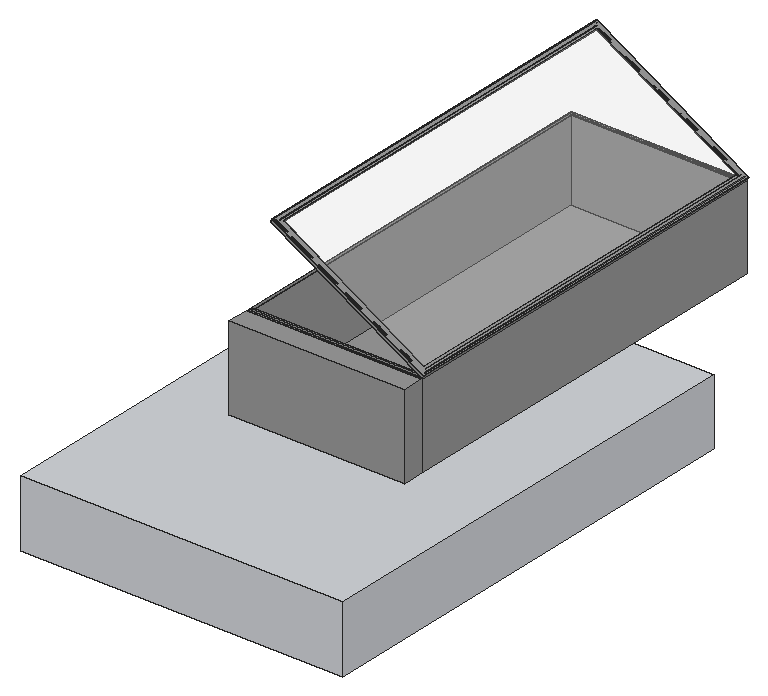
Revit family "Hager-Univers-IP55-D400-H1950-Cl.II-Steel_encl-SE-en", category Equipement électrique, Revit 2020
Family settings
  Hôte = Face
  Configuration du panneau = Deux colonnes, circuits au sein
  Cote de connecteur circulaire = Utiliser le diamètre
  Type d'élément = Tableau de raccordement
  Couper avec des vides une fois chargée = Non
  Partagée = Non
  Point de calcul de pièce = Non
Parameters (values of type "Floor installation IP55 W800 H1950 D400  - FR23U1")
  Width Control [instance] = if([EF000008 - Width] > Min Width, [EF000008 - Width], Min Width)  # 800 mm
  Commentaires du type = [HG000003 - Range]  # "Univers"
  Thickness Door [instance] = if([EF009171 - Material plate thickness door/cover] > 3 mm, 3 mm, [EF009171 - Material plate thickness door/cover])  # 1.5 mm
  Seal Frame Offset [instance] = 17 mm  # constant formula
  Plinth Visibility [instance] = [HG000027 - Plinth height] > 0 mm  # yes
  Model = ""
  Min Width [instance] = 100 mm  # constant formula
  Min Height [instance] = 100 mm  # constant formula
  Min Depth [instance] = (2 * [EF009170 - Material plate thickness cabinet]) + 1 mm  # 4 mm
  Internal Frame Depth [instance] = (Door System Depth * 0.5)  # 9 mm
  Height Control [instance] = if([EF000040 - Height] > Min Height, [EF000040 - Height], Min Height)  # 1950 mm
  HG000027 - Plinth height = 100 mm
  HG000026 - Floor standing = yes
  HG000024 - Bottom section height = 800 mm
  HG000023 - Double section enclosure = no
  HG000016 - Door 3d visibility [instance] = yes
  HG000015 - Clearance visibility [instance] = no
  HG000014 - Door on the right [instance] = yes
  HG000013 - Door on the left [instance] = not([HG000014 - Door on the right])  # no
  HG000012 - Door swing angle [instance] = 30.00°
  HG000010 - Asymmetric doors = no
  HG000009 - Double swing door = no
  HG000006 - Flush mounted = no
  HG000004 - Manufacturer reference = "FR23U1"
  HG000003 - Range = "Univers"
  HG000002 - With door or cover = yes
  Frame Offset Bottom [instance] = 10 mm  # constant formula
  Frame Offset [instance] = 15 mm  # constant formula
  EF015940 - Cover with overpressure release = no
  EF011959 - Degree of protection (NEMA) = ""
  EF009554 - Number of openings for flange plates = 6
  EF009212 - Cover model = "EV000116 - Closed"
  EF009171 - Material plate thickness door/cover = 1.5 mm
  EF009170 - Material plate thickness cabinet = 1.5 mm
  Fabricant = "Hager"  # constant formula
  EF008873 - Nominal current (In) = 800 A
  EF007800 - Suitable for lightning protection = no
  EF006306 - With lock = no
  EF006244 - Transparent cover/door = yes
  EF005474 - Degree of protection (IP) = "EV006420 - IP55"
  EF004464 - Type of door = "EV002646 - Single"
  EF004427 - Number of modules = 432
  EF004293 - Impact strength = "EV008784 - IK10"
  EF003532 - Suitable for outdoor use = no
  EF002950 - Width in number of modular spacings = 24
  EF001613 - Circuit integrity = "EV000494 - None"
  EF001596 - Material housing = "EV000179 - Steel"
  EF001131 - Internal depth = 400 mm
  EF001088 - Extension possible = yes
  EF000437 - Number of conduit inlets = 6
  EF000339 - Type of cover = "EV004216 - Door"
  EF000266 - Number of rows = 12
  EF000218 - Built-in depth = 0 mm
  EF000118 - With mounting plate = no
  EF000116 - RAL-number = "7035"
  EF000049 - Depth = 400 mm
  EF000040 - Height = 1950 mm
  EF000008 - Width = 800 mm
  EF000007 - Colour = "EV000270 - Grey"
  EF000003 - Mounting method = "EV012274 - Floor installation"
  Door System Leaf Tolerance [instance] = 1.5 mm  # constant formula
  Door System Depth [instance] = 18 mm  # constant formula
  Door Height [instance] = Height Control - [HG000027 - Plinth height]  # 1850 mm
  Depth Control [instance] = if([EF000049 - Depth] > Min Depth, [EF000049 - Depth], Min Depth)  # 400 mm
  Default Elevation = 0 mm
  Connector Offset [instance] = Height Control / 2  # 975 mm
  Bottom Top Plate Trim [instance] = 1.5 mm  # constant formula
  Plinth height Ctrl [instance] = if([HG000027 - Plinth height] > 0 mm, [HG000027 - Plinth height], 12 mm)  # 100 mm
Types (11, lengths in mm): name | Width Control | HG000010 - Asymmetric doors | HG000009 - Double swing door | HG000004 - Manufacturer reference | EF009554 - Number of openings for flange plates | EF006244 - Transparent cover/door | EF004464 - Type of door | EF004427 - Number of modules | EF000437 - Number of conduit inlets | EF000008 - Width
  Floor installation IP55 W1050 H1950 D400  - FR24H1 | 1050 | yes | yes | "FR24H1" | 8 | no | "EV003602 - Double" | 576 | 8 | 1050
  Floor installation IP55 W1050 H1950 D400  - FR24U1 | 1050 | yes | yes | "FR24U1" | 8 | yes | "EV003602 - Double" | 576 | 8 | 1050
  Floor installation IP55 W1300 H1950 D400  - FR25H1 | 1300 | yes | yes | "FR25H1" | 10 | no | "EV003602 - Double" | 720 | 10 | 1300
  Floor installation IP55 W1300 H1950 D400  - FR25U1 | 1300 | yes | yes | "FR25U1" | 10 | yes | "EV003602 - Double" | 720 | 10 | 1300
  Floor installation IP55 W1550 H1950 D400  - FR26H1 | 1550 | yes | yes | "FR26H1" | 12 | no | "EV003602 - Double" | 864 | 12 | 1550
  Floor installation IP55 W1550 H1950 D400  - FR26U1 | 1550 | yes | yes | "FR26U1" | 12 | yes | "EV003602 - Double" | 864 | 12 | 1550
  Floor installation IP55 W300 H1950 D400  - FR21H1 | 300 | no | no | "FR21H1" | 2 | no | "EV002646 - Single" | 144 | 2 | 300
  Floor installation IP55 W550 H1950 D400  - FR22H1 | 550 | no | no | "FR22H1" | 4 | no | "EV002646 - Single" | 288 | 4 | 550
  Floor installation IP55 W550 H1950 D400  - FR22U1 | 550 | no | no | "FR22U1" | 4 | yes | "EV002646 - Single" | 288 | 4 | 550
  Floor installation IP55 W800 H1950 D400  - FR23H1 | 800 | no | no | "FR23H1" | 6 | no | "EV002646 - Single" | 432 | 6 | 800
  Floor installation IP55 W800 H1950 D400  - FR23U1 | 800 | no | no | "FR23U1" | 6 | yes | "EV002646 - Single" | 432 | 6 | 800
Reference planes
  plane 1 "Center (Front/Back)": y = 0
  plane 2: z = 0
  plane 3 "Center (Left/Right)": x = 0
  plane 4: z = 400
  plane 5: y = 101.5
  plane 6: y = 1025
  plane 7: y = 100
  plane 8: y = 1950
  plane 9: z = 0
  plane 10: x = -385
  plane 11: x = 385
  plane 12: x = 383.5
  plane 13: x = -383.5
  plane 14: y = 1948.5
  plane 15: x = -383
  plane 16: x = -400
  plane 17: x = 383
  plane 18: x = 400
  plane 19: x = 398.5
  plane 20: x = -398.5
  plane 21: y = 111.5
  plane 22: y = 1950
  plane 23: y = 1933.5
  plane 24: z = 382
  plane 25: z = 1.5
  plane 26: z = 380.5
  plane 27: z = 398.5
Forms (mm)
  Extrusion 1, solid
    sketch origin (0, 0, 0) x (1, 0, 0) y (0, 1, 0)
      loop
        line (-702.964, 1305) -> (-702.964, -811.445) -> (766.763, -811.445) -> (766.763, 1305) -> (-702.964, 1305)
    from 0 to -304.8
  Extrusion 2, solid, material "Hager_Steel_RAL7035_Light_Grey", visible <- "Plinth Visibility", detail levels medium+fine
    sketch origin (0, 0, 0) x (1, 0, 0) y (0, 1, 0)
      loop
        line (-400, 0) -> (400, 0) -> (400, 100) -> (-400, 100) -> (-400, 0)
    from 0 to 382
  Extrusion 3, solid, material "Hager_Steel_RAL7035_Light_Grey", detail levels medium+fine
    sketch origin (0, 0, 0) x (1, 0, 0) y (0, 1, 0)
      loop
        line (-400, 100) -> (400, 100) -> (400, 1950) -> (-400, 1950) -> (-400, 100)
    from 0 to 382
  Extrusion 4, void
    sketch origin (0, 0, 0) x (1, 0, 0) y (0, 1, 0)
      loop
        line (-398.5, 101.5) -> (398.5, 101.5) -> (398.5, 1948.5) -> (-398.5, 1948.5) -> (-398.5, 101.5)
    from 1.5 to 380.5
  Extrusion 5, void
    sketch origin (-381.607, -4572, 382) x (0, -1, 0) y (-1, 0, 0)
      loop
        line (-4683.5, 1.893) -> (-6505.5, 1.893) -> (-6505.5, -765.107) -> (-4683.5, -765.107) -> (-4683.5, 1.893)
    from 0 to 1.5 <- "EF009170 - Material plate thickness cabinet"
  Extrusion 6, solid, material "Hager_Steel_RAL7035_Light_Grey", detail levels fine
    sketch origin (0, 0, 382) x (1, 0, 0) y (0, 1, 0)
      loop
        line (-383.5, 1933.5) -> (-383.5, 111.5) -> (383.5, 111.5) -> (383.5, 1933.5) -> (-383.5, 1933.5)
      loop
        line (-385, 110) -> (385, 110) -> (385, 1935) -> (-385, 1935) -> (-385, 110)
    from 0 to 9 <- "Internal Frame Depth"
  Extrusion 7, solid, material "Hager_Steel_RAL7035_Light_Grey", detail levels coarse
    sketch origin (0, 0, 0) x (1, 0, 0) y (0, 1, 0)
      loop
        line (-400, 0) -> (400, 0) -> (400, 1950) -> (-400, 1950) -> (-400, 0)
    from 0 to 400
  Sweep 8, void
    path in 3D
      loop
        line (-400, 100, 0) -> (400, 100, 0) -> (400, 100, 382) -> (-400, 100, 382) -> (-400, 100, 0)
    profile origin (-400, 100, 191) x (-1, 0, 0) y (0, -1, 0)
      loop
        line (0, 0) -> (0, 1.5) -> (-1.5, 1.5)
        arc (-1.5, 1.5) -> (-1.061, 0.439) -> (0, 0) r 1.5
Cuts and joins
  Extrusion 4, Extrusion 5 cuts Extrusion 3
  Sweep 8 cuts Extrusion 2
Lines and regions (mm)
  Masking region 1
    outline origin (0, 0, 0) x (1, 0, 0) y (0, 0, 1)
      loop
        line (-400, 400) -> (-400, 0) -> (400, 0) -> (400, 400) -> (-400, 400)
  Masking region 2, detail levels medium+fine
    outline origin (0, 140, 0) x (0, 1, 0) y (0, 0, 1)
      loop
        line (-40, 0) -> (1810, 0) -> (1810, 382) -> (-40, 382) -> (-40, 0)
  Masking region 3, not visible, detail levels medium+fine
    outline origin (0, 297.922, 0) x (0, 1, 0) y (0, 0, 1)
      loop
        line (738.578, 0) -> (778.578, 0) -> (778.578, 388.5)
        arc (778.578, 388.5) -> (775.649, 395.571) -> (768.578, 398.5) r 10
        line (768.578, 398.5) -> (738.578, 398.5) -> (738.578, 0)
  Masking region 4, detail levels coarse
    outline origin (0, 0, 180) x (0, 1, 0) y (0, 0, 1)
      loop
        line (0, -180) -> (1950, -180) -> (1950, 220) -> (0, 220) -> (0, -180)
  Masking region 5, visible <- "Plinth Visibility", detail levels medium+fine
    outline origin (0, 52.24, 12.345) x (0, 0, -1) y (0, 1, 0)
      loop
        line (10.845, 47.76) -> (-368.155, 47.76)
        arc (-368.155, 47.76) -> (-368.594, 46.699) -> (-369.655, 46.26) r 1.5
        line (-369.655, 46.26) -> (-369.655, -52.24) -> (12.345, -52.24) -> (12.345, 46.26)
        arc (12.345, 46.26) -> (11.285, 46.699) -> (10.845, 47.76) r 1.5
  Masking region 6, detail levels medium+fine
    outline origin (-381.607, -4572, 382) x (-1, 0, 0) y (0, -1, 0)
      loop
        line (18.393, -6522) -> (18.393, -4672) -> (-781.607, -4672) -> (-781.607, -6522) -> (18.393, -6522)
  Masking region 7, visible <- "Plinth Visibility", detail levels medium+fine
    outline origin (-381.607, -4727, 382) x (-1, 0, 0) y (0, -1, 0)
      loop
        arc (16.893, -4827) -> (17.332, -4825.939) -> (18.393, -4825.5) r 1.5
        line (18.393, -4825.5) -> (18.393, -4727) -> (-781.607, -4727) -> (-781.607, -4825.5)
        arc (-781.607, -4825.5) -> (-780.546, -4825.939) -> (-780.107, -4827) r 1.5
        line (-780.107, -4827) -> (16.893, -4827)
  Masking region 8, detail levels coarse
    outline origin (-442.548, -4669.526, 382) x (-1, 0, 0) y (0, -1, 0)
      loop
        line (-42.548, -6619.526) -> (-42.548, -4669.526) -> (-842.548, -4669.526) -> (-842.548, -6619.526) -> (-42.548, -6619.526)
  sketch lines
    curve 1: line (-400, 100, 382) -> (-400, 100, 0)
    curve 2: line (400, 100, 382) -> (-400, 100, 382)
    curve 3: line (400, 100, 382) -> (400, 100, 0)
    curve 4: line (-400, 100, 0) -> (400, 100, 0)
Dimensions and locks
  "Depth Control": plane 4 to Extrusion 1
  "HG000027 - Plinth height": plane 1 "Center (Front/Back)" to plane 7
  "EF009170 - Material plate thickness cabinet": plane 5 to plane 7
  locked: connector elem to plane 3 "Center (Left/Right)"
  equal spacing: plane 8, plane 6, plane 7
  locked: connector elem to plane 6
  "EF009170 - Material plate thickness cabinet": plane 8 to plane 14
  "EF009170 - Material plate thickness cabinet": plane 10 to plane 13
  "EF009170 - Material plate thickness cabinet": plane 12 to plane 11
  "Frame Offset": plane 20 to plane 13
  "Frame Offset": plane 12 to plane 19
  "EF009170 - Material plate thickness cabinet": plane 16 to plane 20
  "EF009170 - Material plate thickness cabinet": plane 19 to plane 18
  "Seal Frame Offset": plane 16 to plane 15
  "Seal Frame Offset": plane 17 to plane 18
  "Frame Offset Bottom": plane 21 to plane 5
  "Frame Offset": plane 14 to plane 23
  equal spacing: plane 16, plane 3 "Center (Left/Right)", plane 18
  "Width Control": plane 16 to plane 18
  "EF009170 - Material plate thickness cabinet": plane 4 to plane 27
  "EF009170 - Material plate thickness cabinet": plane 24 to plane 26
  "EF009170 - Material plate thickness cabinet": plane 25 to level
  "Door System Depth": plane 4 to plane 24
  "Height Control": plane 1 "Center (Front/Back)" to Extrusion 7 sketch curve
  "Height Control": Masking region 4 sketch curve to plane 1 "Center (Front/Back)"
  "Height Control": plane 1 "Center (Front/Back)" to plane 22
  "Bottom Top Plate Trim": profile plane to Sweep 8 sketch curve
  "Bottom Top Plate Trim": Sweep 8 sketch curve to profile plane
  "Plinth height Ctrl": plane 1 "Center (Front/Back)" to Extrusion 2 sketch curve
  "Plinth height Ctrl": Masking region 5 sketch curve to plane 1 "Center (Front/Back)"
  "Plinth height Ctrl": plane 1 "Center (Front/Back)" to Masking region 7 sketch curve
  "Thickness Door": Extrusion 6 sketch curve to Extrusion 6 sketch curve  (x3)
  "Thickness Door": cut or joined group of Extrusion 3, Extrusion 4, Extrusion 5 to Extrusion 6 sketch curve
  radius of Masking region 3 sketch curve = 10 mm
  "Bottom Top Plate Trim": radius of Masking region 5 sketch curve  (x2)
  "Bottom Top Plate Trim": radius of Sweep 8 sketch curve
  "Bottom Top Plate Trim": radius of Masking region 7 sketch curve  (x2)
  aligned and locked: plane 2 to Extrusion 1
  aligned and locked: level to Extrusion 1
  aligned and locked: level to Masking region 1 sketch curve
  aligned and locked: Masking region 1 sketch curve to plane 18
  aligned and locked: Masking region 1 sketch curve to plane 16
  aligned and locked: plane 7 to Masking region 2 sketch curve
  aligned and locked: level to Masking region 3 sketch curve
  aligned and locked: Masking region 3 sketch curve to plane 27
  aligned and locked: level to Masking region 2 sketch curve
  aligned and locked: plane 1 "Center (Front/Back)" to Extrusion 2 sketch curve
  aligned and locked: Extrusion 3 sketch curve to plane 7
  aligned and locked: plane 16 to Extrusion 3 sketch curve
  aligned and locked: plane 18 to Extrusion 3 sketch curve
  aligned and locked: plane 20 to Extrusion 4 sketch curve
  aligned and locked: plane 19 to Extrusion 4 sketch curve
  aligned and locked: Extrusion 4 sketch curve to plane 5
  aligned and locked: Extrusion 4 to plane 25
  aligned and locked: plane 26 to Extrusion 4
  aligned and locked: plane 24 to Extrusion 3
  aligned and locked: Extrusion 5 sketch curve to plane 21
  aligned and locked: Extrusion 5 sketch curve to plane 13
  aligned and locked: Extrusion 5 sketch curve to plane 12
  aligned and locked: plane 18 to Extrusion 7 sketch curve
  aligned and locked: plane 1 "Center (Front/Back)" to Extrusion 7 sketch curve
  aligned and locked: plane 16 to Extrusion 7 sketch curve
  aligned and locked: plane 4 to Extrusion 7
  aligned and locked: Extrusion 7 to level
  aligned and locked: level to Masking region 4 sketch curve
  aligned and locked: Masking region 4 sketch curve to plane 1 "Center (Front/Back)"
  aligned and locked: Masking region 4 sketch curve to plane 4
  aligned and locked: nested 1 to level
  aligned and locked: nested 1 to plane 16
  aligned and locked: plane 8 to Extrusion 3 sketch curve
  aligned and locked: plane 23 to Extrusion 5 sketch curve
  aligned and locked: plane 14 to Extrusion 4 sketch curve
  aligned and locked: Masking region 2 sketch curve to plane 8
  aligned and locked: level to Masking region 5 sketch curve
  aligned and locked: plane 16 to Extrusion 2 sketch curve
  aligned and locked: plane 18 to Extrusion 2 sketch curve
  aligned and locked: Masking region 5 sketch curve to plane 24
  aligned and locked: Masking region 2 sketch curve to plane 24
  aligned and locked: plane 24 to Extrusion 2
  aligned and locked: profile plane to Sweep 8 sketch curve  (x2)
  aligned and locked: Masking region 6 sketch curve to plane 18
  aligned and locked: Masking region 6 sketch curve to plane 22
  aligned and locked: Masking region 6 sketch curve to plane 16
  aligned and locked: plane 8 to plane 22
  aligned and locked: Masking region 6 sketch curve to plane 7
  aligned and locked: Masking region 7 sketch curve to plane 16
  aligned and locked: Masking region 7 sketch curve to plane 1 "Center (Front/Back)"
  aligned and locked: Masking region 7 sketch curve to plane 18
  aligned and locked: Masking region 8 sketch curve to plane 1 "Center (Front/Back)"
  aligned and locked: Masking region 8 sketch curve to plane 18
  aligned and locked: Masking region 8 sketch curve to plane 22
  aligned and locked: Masking region 8 sketch curve to plane 16
  aligned and locked: nested 2 to plane 7
  aligned and locked: plane 3 "Center (Left/Right)" to nested 2
  aligned and locked: nested 2 to plane 24
  aligned and locked: Extrusion 6 sketch curve to cut or joined group of Extrusion 3, Extrusion 4, Extrusion 5  (x4)
Automatic sketch dimensions
  Extrusion 1 sketch curve to Extrusion 1 sketch curve = 1469.727 mm
  Extrusion 1 sketch curve to Extrusion 1 sketch curve = 2116.445 mm
  Masking region 1 sketch curve to plane 4 = 0 mm
  plane 6 to Masking region 3 sketch curve = 11.5 mm
  Masking region 3 sketch curve to Masking region 3 sketch curve = 30 mm
  Masking region 5 sketch curve to plane 1 "Center (Front/Back)" = 0 mm
Nested families
  nested 1: "Hager_Enclosure_Symbol" at (-400, 0, 0) x (1, 0, 0) z (0, -1, 0), Height <- "Depth Control", Width <- "Width Control", type "Hager_Enclosure_Symbol"
    with Width_Ctrl 800 mm, Width 800 mm, Height_Ctrl 400 mm, Height 400 mm, A_Width_Int 26.25 mm, A_Width 315 mm, A_Height_Ctrl 350 mm, A_Height 350 mm
  nested 2: "EC000058_Univers_Door" at (0, 100, 382) x (1, 0, 0) z (0, 1, 0), Leaf_Tolerance <- "Door System Leaf Tolerance", Angle <- "HG000012 - Door swing angle", Door_Depth <- "Door System Depth", Door_Left <- "HG000013 - Door on the left", Transparent <- "EF006244 - Transparent cover/door", Assymetrical <- "HG000010 - Asymmetric doors", Width <- "Width Control", Clearance <- "HG000015 - Clearance visibility", Double <- "HG000009 - Double swing door", 3d_Door <- "HG000016 - Door 3d visibility", Lock_Visibility <- "EF006306 - With lock", Width_Ctrl <- "Width Control", Door_Right <- "HG000014 - Door on the right", Door <- "HG000002 - With door or cover", Height <- "Door Height", Thickness <- "Thickness Door", type "EC000058_Univers_Door", detail levels medium+fine
    with min_wh 4 mm, Width_Ctrl 800 mm, Width 800 mm, Transparent yes, Thickness 1.5 mm, Seal_Material Hager_Rubber, Lock_Visibility no, Lock_Material Hager_Plastic_RAL9005_Jet_Black, Leaf_Width 800 mm, Leaf_Tolerance_External_Sides 0 mm, Leaf_Tolerance 1.5 mm, Leaf_Offset 0 mm, Leaf_Height 1847 mm, Leaf_2_Width 800 mm, Leaf_2_Offset 400 mm, Leaf_1_Width 800 mm, Leaf_1_Offset 400 mm, Height_Ctrl 1850 mm, Height 1850 mm, Glass_Material Hager_Glass, Double_Clearance_Ctrl no, Double no, Door_Right_Ctrl yes, Door_Right yes, Door_Material Hager_Steel_RAL7035_Light_Grey, Door_Left_Ctrl no, Door_Left no, Door_Depth 18 mm, Door yes, Clearance_Material Hager_Clearance, Clearance_Depth 800 mm, Clearance_Ctrl no, Clearance no, Assymetrical no, Angle 30.00°, 3d_Door yes
Connectors
  electrical at (0, 1025, 0)
    settings: on plane 9, index 1, voltage 0 V, apparent load 0 VA, apparent load phase1 0 VA, apparent load phase2 0 VA, apparent load phase3 0 VA, power factor 1, load classification "Other", number of poles 1, system type 30, power factor state 1, is connector primary yes, connector utility no, sub classification motor no, connector description ""
Definition of nested family "EC000058_Univers_Door"
  Parameters (values of type "EC000058_Univers_Door")
    min_wh [instance] = (2 * Thickness) + 1 mm  # 11 mm
    Width_Ctrl [instance] = 400 mm
    Width [instance] = 500 mm
    Transparent [instance] = yes
    Thickness [instance] = 5 mm
    Seal_Material [instance] = none
    Lock_Visibility [instance] = yes
    Lock_Material [instance] = none
    Leaf_Width [instance] = if((Width_Ctrl - 2 * Leaf_Tolerance_External_Sides) > 0 mm, (Width_Ctrl - 2 * Leaf_Tolerance_External_Sides), min_wh)  # 400 mm
    Leaf_Tolerance_External_Sides [instance] = 0 mm  # constant formula
    Leaf_Tolerance [instance] = 1.5 mm
    Leaf_Offset [instance] = 0 mm  # constant formula
    Leaf_Height [instance] = if((Height_Ctrl - 2 * Leaf_Tolerance) > 0 mm, (Height_Ctrl - 2 * Leaf_Tolerance), min_wh)  # 497 mm
    Leaf_2_Width [instance] = if(and(and(Double, Assymetrical), Door_Left), (Leaf_Width / 3) - (Leaf_Tolerance / 2), if(and(and(Double, Assymetrical), Door_Right), (Leaf_Width / 3) * 2 - (Leaf_Tolerance / 2), if(and(Double, not(Assymetrical)), (Leaf_Width / 2) - Leaf_Tolerance, Leaf_Width)))  # 400 mm
    Leaf_2_Offset [instance] = if(and(Double, Assymetrical), Leaf_2_Width / 2, if(and(Double, not(Assymetrical)), Leaf_Width / 4, Leaf_Width / 2))  # 200 mm
    Leaf_1_Width [instance] = if(and(and(Double, Assymetrical), Door_Right), (Leaf_Width / 3) - (Leaf_Tolerance / 2), if(and(and(Double, Assymetrical), Door_Left), (Width / 3) * 2 - (Leaf_Tolerance / 2), if(and(Double, not(Assymetrical)), (Leaf_Width / 2) - Leaf_Tolerance, Leaf_Width)))  # 400 mm
    Leaf_1_Offset [instance] = if(and(Double, Assymetrical), Leaf_1_Width / 2, if(and(Double, not(Assymetrical)), Leaf_Width / 4, Leaf_Width / 2))  # 200 mm
    Height_Ctrl [instance] = if(Height > min_wh, Height, min_wh)  # 500 mm
    Height [instance] = 500 mm
    Glass_Material [instance] = none
    Double_Clearance_Ctrl [instance] = and(Double, Clearance)  # no
    Double [instance] = no
    Door_Right_Ctrl [instance] = and(or(Door_Right, Double), Door)  # yes
    Door_Right [instance] = yes
    Door_Material [instance] = none
    Door_Left_Ctrl [instance] = and(or(Door_Left, Double), Door)  # no
    Door_Left [instance] = no
    Door_Depth [instance] = 30 mm
    Door [instance] = yes
    Default Elevation = 1219.2 mm
    Clearance_Material [instance] = none
    Clearance_Depth [instance] = if(Leaf_1_Width > Leaf_2_Width, Leaf_1_Width, Leaf_2_Width)  # 400 mm
    Clearance_Ctrl [instance] = and(not(Double), Clearance)  # yes
    Clearance [instance] = yes
    Assymetrical [instance] = yes
    Angle [instance] = 30.00°
    3d_Door [instance] = yes
  Reference planes
    plane 1 "Center (Front/Back)": y = 0
    plane 2 "Bottom": z = 0
    plane 3 "Center (Left/Right)": x = 0
    plane 4: z = 500
    plane 5: x = -200
    plane 6: x = 200
    plane 7: z = 500
    plane 8: x = -200
    plane 9: z = 0
    plane 10: x = 200
    plane 11: y = 0
    plane 12: z = 1.5
    plane 13: x = -600
    plane 14: y = -400
    plane 15: x = 600
    plane 16: x = 0
    plane 17: x = 0
    plane 18: x = -200
    plane 19: x = 200
    plane 20: z = 498.5
  Forms (mm)
    Extrusion 1, solid, material <- "Clearance_Material", visible <- "Double_Clearance_Ctrl"
      sketch origin (1200, 0, 0) x (1, 0, 0) y (0, 0, -1)
        loop
          line (-1800, -498.5) -> (-600, -498.5) -> (-600, 0) -> (-1800, 0) -> (-1800, -498.5)
      from 0 to -400
  Dimensions and locks
    equal spacing: plane 5, plane 3 "Center (Left/Right)", plane 6
    "Width_Ctrl": plane 5 to plane 6
    "Leaf_Offset": plane 5 to plane 8
    "Leaf_Offset": plane 6 to plane 10
    "Leaf_Offset": plane 9 to level
    "Leaf_Offset": plane 4 to plane 7
    "Height_Ctrl": plane 4 to level
    "Leaf_Tolerance": plane 12 to plane 9
    locked: plane 11 to plane 1 "Center (Front/Back)"
    "Leaf_1_Offset": plane 18 to plane 16
    "Leaf_2_Offset": plane 17 to plane 19
    "Leaf_1_Width": plane 13 to plane 8
    "Leaf_2_Width": plane 10 to plane 15
    "Clearance_Depth": plane 14 to plane 1 "Center (Front/Back)"
    "Leaf_Tolerance_External_Sides": plane 8 to plane 18
    "Leaf_Tolerance_External_Sides": plane 19 to plane 10
    "Leaf_Tolerance": plane 7 to plane 20
    aligned and locked: level to plane 2 "Bottom"
    aligned and locked: nested 1 to plane 16
    aligned and locked: nested 2 to plane 17
    aligned and locked: Extrusion 1 to plane 13
    aligned and locked: plane 15 to Extrusion 1
    aligned and locked: Extrusion 1 to plane 14
    aligned and locked: plane 12 to nested 1
    aligned and locked: nested 2 to plane 12
    aligned and locked: Extrusion 1 to plane 11
    aligned and locked: plane 20 to Extrusion 1
    aligned and locked: nested 2 to plane 11
    aligned and locked: nested 1 to plane 11
  Automatic sketch dimensions
    Extrusion 1 sketch curve to level = 0 mm
    plane 5 to Extrusion 1 sketch curve = 400 mm
    plane 6 to Extrusion 1 sketch curve = 400 mm
    Extrusion 1 sketch curve to plane 4 = 1.5 mm
  Nested families
    nested 1: "EC000058_Univers_Door_Leaf" at (0, 0, 1.5), Width <- "Leaf_1_Width", visible <- "Door_Left_Ctrl", Leaf_Height <- "Leaf_Height", Angle <- "Angle", 3d_Door <- "3d_Door", Transparent <- "Transparent", Clearance Material <- "Clearance_Material", Clearance <- "Clearance_Ctrl", Door_Material <- "Door_Material", Glass_Material <- "Glass_Material", Door_Depth <- "Door_Depth", Lock_Material <- "Lock_Material", Seal_Material <- "Seal_Material", Lock_Visibility <- "Lock_Visibility", Thickness <- "Thickness", type "EC000058_Univers_Door_Leaf"
      with Width 400 mm, Transparent_Glass_Offset 30 mm, Transparent_Ctrl yes, Transparent yes, Thickness 5 mm, Standard no, Seal_Material none, Seal_D2 8 mm, Seal_D1 1 mm, Offset_Internal_Frame 10 mm, Lock_Width 20 mm, Lock_Visibility_3d yes, Lock_Visibility yes, Lock_Thickness_3 3 mm, Lock_Thickness_2 1 mm, Lock_Thickness_1 3 mm, Lock_Radius_Offset_2 16 mm, Lock_Radius_Offset_1 15 mm, Lock_Radius_2 5 mm, Lock_Radius 6 mm, Lock_Offset 5 mm, Lock_Material none, Lock_Height 80 mm, Lock_Cover_Top_Offset_2d 17 mm, Lock_Cover_Height -65 mm, Leaf_Height 497 mm, Internal_Seal_Thickness 8 mm, Internal_Seal_Depth_2 4.5 mm, Internal_Frame_Depth 25 mm, Glass_Thickness -1 mm, Glass_Offset -2 mm, Glass_Material none, Door_Material none, Door_Depth 30 mm, Clearance Material none, Clearance yes, Angle_Ctrl 30.00°, Angle 30.00°, 3d_Door yes
    nested 2: "EC000058_Univers_Door_Leaf" at (0, 0, 1.5) x (-1, 0, 0) z (0, 0, 1), Width <- "Leaf_2_Width", visible <- "Door_Right_Ctrl", Leaf_Height <- "Leaf_Height", Angle <- "Angle", 3d_Door <- "3d_Door", Transparent <- "Transparent", Clearance Material <- "Clearance_Material", Clearance <- "Clearance_Ctrl", Door_Material <- "Door_Material", Glass_Material <- "Glass_Material", Door_Depth <- "Door_Depth", Lock_Material <- "Lock_Material", Seal_Material <- "Seal_Material", Lock_Visibility <- "Lock_Visibility", Thickness <- "Thickness", type "EC000058_Univers_Door_Leaf"
      with Width 400 mm, Transparent_Glass_Offset 30 mm, Transparent_Ctrl yes, Transparent yes, Thickness 5 mm, Standard no, Seal_Material none, Seal_D2 8 mm, Seal_D1 1 mm, Offset_Internal_Frame 10 mm, Lock_Width 20 mm, Lock_Visibility_3d yes, Lock_Visibility yes, Lock_Thickness_3 3 mm, Lock_Thickness_2 1 mm, Lock_Thickness_1 3 mm, Lock_Radius_Offset_2 16 mm, Lock_Radius_Offset_1 15 mm, Lock_Radius_2 5 mm, Lock_Radius 6 mm, Lock_Offset 5 mm, Lock_Material none, Lock_Height 80 mm, Lock_Cover_Top_Offset_2d 17 mm, Lock_Cover_Height -65 mm, Leaf_Height 497 mm, Internal_Seal_Thickness 8 mm, Internal_Seal_Depth_2 4.5 mm, Internal_Frame_Depth 25 mm, Glass_Thickness -1 mm, Glass_Offset -2 mm, Glass_Material none, Door_Material none, Door_Depth 30 mm, Clearance Material none, Clearance yes, Angle_Ctrl 30.00°, Angle 30.00°, 3d_Door yes
  Definition of nested family "EC000058_Univers_Door_Leaf"
    Parameters (values of type "EC000058_Univers_Door_Leaf")
      Width [instance] = 2000 mm
      Transparent_Glass_Offset [instance] = 30 mm
      Transparent_Ctrl [instance] = and(Transparent, [3d_Door])  # yes
      Transparent [instance] = yes
      Thickness [instance] = 5 mm
      Standard [instance] = and(not(Transparent), [3d_Door])  # no
      Seal_Material [instance] = none
      Seal_D2 [instance] = 8 mm  # constant formula
      Seal_D1 [instance] = 1 mm  # constant formula
      Offset_Internal_Frame [instance] = 10 mm  # constant formula
      Lock_Width [instance] = 20 mm  # constant formula
      Lock_Visibility_3d [instance] = and(Lock_Visibility, [3d_Door])  # yes
      Lock_Visibility [instance] = yes
      Lock_Thickness_3 [instance] = 3 mm  # constant formula
      Lock_Thickness_2 [instance] = 1 mm  # constant formula
      Lock_Thickness_1 [instance] = 3 mm  # constant formula
      Lock_Radius_Offset_2 [instance] = Lock_Radius_Offset_1 + 1 mm  # 16 mm
      Lock_Radius_Offset_1 [instance] = 15 mm  # constant formula
      Lock_Radius_2 [instance] = Lock_Radius - 1 mm  # 5 mm
      Lock_Radius [instance] = 6 mm  # constant formula
      Lock_Offset [instance] = 5 mm  # constant formula
      Lock_Material [instance] = none
      Lock_Height [instance] = 80 mm  # constant formula
      Lock_Cover_Top_Offset_2d [instance] = Lock_Radius_Offset_2 + 1 mm  # 17 mm
      Lock_Cover_Height [instance] = -(Lock_Height - Lock_Radius_Offset_1)  # -65 mm
      Leaf_Height [instance] = 2720.336 mm
      Internal_Seal_Thickness [instance] = 8 mm  # constant formula
      Internal_Seal_Depth_2 [instance] = 4.5 mm  # constant formula
      Internal_Frame_Depth [instance] = if(Door_Depth - Thickness > 5 mm, Door_Depth - Thickness, 5 mm)  # 25 mm
      Glass_Thickness [instance] = if(Thickness > 15 mm, Glass_Offset + 10 mm, -1 mm)  # -1 mm
      Glass_Offset [instance] = if(Thickness > 15 mm, -(Thickness + 10 mm) / 2, -2 mm)  # -2 mm
      Glass_Material [instance] = none
      Door_Material [instance] = none
      Door_Depth [instance] = 30 mm
      Default Elevation = 0 mm
      Clearance Material [instance] = none
      Clearance [instance] = yes
      Angle_Ctrl [instance] = if(Angle > 180.00°, 180.00°, Angle)  # 90.00°
      Angle [instance] = 90.00°
      3d_Door [instance] = yes
    Reference planes
      plane 1 "Center (Front/Back)": y = 0
      plane 2: z = 0
      plane 3 "Center (Left/Right)": x = 0
      plane 4: y = 2000
      plane 5: x = -1000
      plane 6: x = 1000
      plane 7: x = -3000
      plane 8: z = 2720.336
      plane 9: z = 30
      plane 10: z = 2690.336
      plane 11: x = 970
      plane 12: x = -970
      plane 13: y = -3
      plane 14: z = 107.833
      plane 15: y = -5
      plane 16: y = -223.314
      plane 17: x = -1000
      plane 18: z = 1360.168
      plane 19: y = 30
    Forms (mm)
      Extrusion 1, solid, material <- "Clearance Material", visible <- "Clearance"
        sketch origin (0, 0, 0) x (1, 0, 0) y (0, 0, 1)
          loop
            line (-3000, 2720.336) -> (-3000, 0) -> (1000, 0) -> (1000, 2720.336) -> (-3000, 2720.336)
        from 0 to -2000
      Extrusion 2, solid, material <- "Door_Material", visible <- "Standard", detail levels medium+fine
        sketch origin (-1000, 0, 0) x (0, 1, 0) y (-1, 0, 0)
          loop
            line (0, 30) -> (0, 25) -> (2000, 25) -> (2000, 30) -> (0, 30)
        from 0 to 2720.336 <- "Leaf_Height"
      Extrusion 3, solid, material <- "Door_Material", visible <- "Transparent_Ctrl", detail levels medium+fine
        sketch origin (-1000, 0, 0) x (0, 1, 0) y (-1, 0, 0)
          loop
            line (0, 25) -> (2000, 25) -> (2000, 30) -> (0, 30) -> (0, 25)
        from 0 to 2720.336 <- "Leaf_Height"
      Extrusion 4, void
        sketch origin (-1025, 2000, 0) x (0, 1, 0) y (0, 0, -1)
          loop
            line (-30, -2690.336) -> (-30, -30) -> (-1970, -30) -> (-1970, -2690.336) -> (-30, -2690.336)
        from 0 to 5 <- "Thickness"
      Sweep 5, solid, material <- "Seal_Material", visible <- "Transparent_Ctrl", detail levels fine
        path in 3D
          loop
            line (-1025, 30, 30) -> (-1025, 30, 2690.336) -> (-1025, 1970, 2690.336) -> (-1025, 1970, 30) -> (-1025, 30, 30)
        profile origin (-1025, 1000, 30) x (1, 0, 0) y (0, 0, 1)
          loop
            line (0, 0) -> (0, -8) -> (1, -8) -> (1, 0) -> (0, 0)
      Extrusion 6, solid, material <- "Glass_Material", visible <- "Transparent_Ctrl", detail levels medium+fine
        sketch origin (-1030, 0, 0) x (0, 1, 0) y (0, 0, -1)
          loop
            line (1970, -2690.336) -> (1970, -30) -> (30, -30) -> (30, -2690.336) -> (1970, -2690.336)
        from -2 <- "Glass_Offset" to -1 <- "Glass_Thickness"
      Extrusion 7, solid, material <- "Door_Material", visible <- "3d_Door", detail levels medium+fine
        sketch origin (-1025, 2000, 0) x (0, -1, 0) y (0, 0, -1)
          loop
            line (0, -2720.336) -> (2000, -2720.336) -> (2000, 0) -> (0, 0) -> (0, -2720.336)
          loop
            line (1995, -5) -> (5, -5) -> (5, -2715.336) -> (1995, -2715.336) -> (1995, -5)
        from 0 to 25 <- "Internal_Frame_Depth"
      Sweep 8, solid, material <- "Seal_Material", visible <- "Transparent_Ctrl", detail levels fine
        path in 3D
          loop
            line (-1025, 0, 0) -> (-1025, 2000, 0) -> (-1025, 2000, 2720.336) -> (-1025, 0, 2720.336) -> (-1025, 0, 0)
        profile origin (-1025, 0, 1360.168) x (1, 0, 0) y (0, 1, 0)
          loop
            line (0, 10) -> (2.975, 10)
            arc (2.975, 10) -> (4.053, 10.447) -> (4.5, 11.525) r 1.525
            line (4.5, 11.525) -> (4.5, 16.527)
            arc (4.5, 16.527) -> (4.069, 17.569) -> (3.027, 18) r 1.473
            line (3.027, 18) -> (0, 18) -> (0, 10)
      Extrusion 9, solid, material <- "Lock_Material", visible <- "Lock_Visibility_3d", detail levels fine
        sketch origin (-1030, 0, 0) x (0, 1, 0) y (0, 0, -1)
          loop
            arc (1993.5, -1400.168) -> (1994.561, -1399.729) -> (1995, -1398.668) r 1.5
            line (1995, -1398.668) -> (1995, -1320.168) -> (1975, -1320.168) -> (1975, -1398.668)
            arc (1975, -1398.668) -> (1975.439, -1399.729) -> (1976.5, -1400.168) r 1.5
            line (1976.5, -1400.168) -> (1993.5, -1400.168)
        from 3 <- "Lock_Thickness_1" to 0
      Blend 10, solid, material <- "Lock_Material", visible <- "Lock_Visibility_3d", detail levels fine
        base sketch origin (-1033, 0, 0) x (0, 1, 0) y (0, 0, -1)
          loop
            line (1975, -1320.168) -> (1975, -1398.668)
            arc (1975, -1398.668) -> (1975.439, -1399.729) -> (1976.5, -1400.168) r 1.5
            line (1976.5, -1400.168) -> (1993.5, -1400.168)
            arc (1993.5, -1400.168) -> (1994.561, -1399.729) -> (1995, -1398.668) r 1.5
            line (1995, -1398.668) -> (1995, -1320.168) -> (1975, -1320.168)
        top sketch origin (-1033, 0, 0) x (0, 1, 0) y (0, 0, -1)
          loop
            line (1976, -1320.168) -> (1976, -1398.668)
            arc (1976, -1398.668) -> (1976.146, -1399.022) -> (1976.5, -1399.168) r 0.5
            line (1976.5, -1399.168) -> (1993.5, -1399.168)
            arc (1993.5, -1399.168) -> (1993.854, -1399.022) -> (1994, -1398.668) r 0.5
            line (1994, -1398.668) -> (1994, -1320.168) -> (1976, -1320.168)
        from 0 to 1 <- "Lock_Thickness_2"
      Blend 11, solid, material <- "Lock_Material", visible <- "Lock_Visibility_3d", detail levels fine
        base sketch origin (-1034, 0, 0) x (0, 1, 0) y (0, 0, -1)
          loop
            line (1978, -1320.168) -> (1978, -1384.168)
            arc (1978, -1384.168) -> (1985, -1391.168) -> (1992, -1384.168) r 7
            line (1992, -1384.168) -> (1992, -1320.168) -> (1978, -1320.168)
        top sketch origin (-1034, 0, 0) x (0, 1, 0) y (0, 0, -1)
          loop
            line (1991, -1320.168) -> (1979, -1320.168) -> (1979, -1383.168)
            arc (1979, -1383.168) -> (1985, -1389.168) -> (1991, -1383.168) r 6
            line (1991, -1383.168) -> (1991, -1320.168)
        from 0 to 3 <- "Lock_Thickness_3"
      Extrusion 12, solid, material <- "Lock_Material", visible <- "Lock_Visibility_3d", detail levels fine
        sketch origin (-1030, 1975, 1320.168) x (1, 0, 0) y (0, -1, 0)
          loop
            line (-7, -19) -> (-7, -1) -> (0, -1) -> (0, 0) -> (-8, 0) -> (-8, -20) -> (0, -20) -> (0, -19) -> (-7, -19)
        from 0 to -65 <- "Lock_Cover_Height"
      Extrusion 13, void
        sketch origin (-1038, 1995, 1320.168) x (-1, 0, 0) y (0, 0, -1)
          loop
            line (-5, -65) -> (0, -65) -> (-5, -60) -> (-5, -65)
        from 0 to 20 <- "Lock_Width"
      Extrusion 14, void
        sketch origin (-1038, 1975, 1320.168) x (0, -1, 0) y (0, 0, -1)
          loop
            circle (-10, -15.995) r 6
          loop
            circle (-10, -15.995) r 5
        from 0 to 2
      Extrusion 15, solid, material <- "Lock_Material", visible <- "Lock_Visibility_3d", detail levels medium
        sketch origin (-1030, 0, 0) x (0, 1, 0) y (0, 0, -1)
          loop
            arc (1993.5, -1400.168) -> (1994.561, -1399.729) -> (1995, -1398.668) r 1.5
            line (1995, -1398.668) -> (1995, -1320.168) -> (1975, -1320.168) -> (1975, -1398.668)
            arc (1975, -1398.668) -> (1975.439, -1399.729) -> (1976.5, -1400.168) r 1.5
            line (1976.5, -1400.168) -> (1993.5, -1400.168)
        from 8 to 0
    Cuts and joins
      Extrusion 4 cuts Extrusion 3
      Extrusion 13, Extrusion 14 cuts Extrusion 9
      Extrusion 14 cuts Blend 11
      Extrusion 13, Extrusion 14 cuts Extrusion 12
      joined: Extrusion 9, Blend 10, Blend 11, Extrusion 12
      Extrusion 14 cuts Extrusion 15
    Lines and regions (mm)
      Masking region 1, visible <- "Lock_Visibility", detail levels fine
        outline origin (0, 0, 0) x (0, 1, 0) y (0, 0, 1)
          loop
            line (30, 1320.168) -> (33, 1320.168) -> (33, 1400.168) -> (30, 1400.168) -> (30, 1320.168)
      Masking region 2, visible <- "Lock_Visibility", detail levels fine
        outline origin (0, 3.143, 0) x (0, 1, 0) y (0, 0, 1)
          loop
            line (29.857, 1354.168) -> (30.857, 1354.168) -> (30.857, 1366.168) -> (29.857, 1366.168) -> (29.857, 1354.168)
      Masking region 3, detail levels medium+fine
        outline origin (0, 0, 0) x (0, 1, 0) y (0, 0, 1)
          loop
            line (0, 0) -> (30, 0) -> (30, 2720.336) -> (0, 2720.336) -> (0, 0)
      Masking region 4, detail levels medium+fine
        outline origin (0, 0, 0) x (1, 0, 0) y (0, 0, 1)
          loop
            line (-1000, 2720.336) -> (-1000, 0) -> (1000, 0) -> (1000, 2720.336) -> (-1000, 2720.336)
      Masking region 5, visible <- "Lock_Visibility", detail levels fine
        outline origin (-47.116, 0, 0) x (1, 0, 0) y (0, 0, 1)
          loop
            arc (1024.616, 1399.168) -> (1023.556, 1398.729) -> (1023.116, 1397.668) r 1.5
            line (1023.116, 1397.668) -> (1023.116, 1320.168) -> (1041.116, 1320.168) -> (1041.116, 1397.668)
            arc (1041.116, 1397.668) -> (1040.677, 1398.729) -> (1039.616, 1399.168) r 1.5
            line (1039.616, 1399.168) -> (1024.616, 1399.168)
      Masking region 6, visible <- "Lock_Visibility", detail levels medium+fine
        outline origin (-25, 0, 0) x (1, 0, 0) y (0, 0, 1)
          loop
            arc (1001.5, 1400.168) -> (1000.439, 1399.729) -> (1000, 1398.668) r 1.5
            line (1000, 1398.668) -> (1000, 1320.168) -> (1020, 1320.168) -> (1020, 1398.668)
            arc (1020, 1398.668) -> (1019.561, 1399.729) -> (1018.5, 1400.168) r 1.5
            line (1018.5, 1400.168) -> (1001.5, 1400.168)
      Masking region 7, visible <- "Lock_Visibility", detail levels fine
        outline origin (-73.735, 0, 0) x (1, 0, 0) y (0, 0, 1)
          loop
            line (1051.735, 1382.168) -> (1065.735, 1382.168) -> (1065.735, 1384.168)
            arc (1065.735, 1384.168) -> (1058.735, 1391.168) -> (1051.735, 1384.168) r 7
            line (1051.735, 1384.168) -> (1051.735, 1382.168)
      Masking region 8, visible <- "Lock_Visibility", detail levels fine
        outline origin (-73.735, 0, 0) x (1, 0, 0) y (0, 0, 1)
          loop
            line (1052.735, 1382.168) -> (1064.735, 1382.168) -> (1064.735, 1383.168)
            arc (1064.735, 1383.168) -> (1058.735, 1389.168) -> (1052.735, 1383.168) r 6
            line (1052.735, 1383.168) -> (1052.735, 1382.168)
      Masking region 9, visible <- "Lock_Visibility", detail levels fine
        outline origin (-25, 0, 0) x (1, 0, 0) y (0, 0, 1)
          loop
            line (1020, 1320.168) -> (1020, 1382.168) -> (1000, 1382.168) -> (1000, 1320.168) -> (1020, 1320.168)
      Masking region 10, detail levels medium+fine
        outline origin (0, 0, 0) x (1, 0, 0) y (0, 0, 1)
          loop
            circle (985, 1335.144) r 6
      Masking region 11, detail levels fine
        outline origin (0, 0, 0) x (1, 0, 0) y (0, 0, 1)
          loop
            circle (985, 1335.144) r 5
      Masking region 12, visible <- "Lock_Visibility", detail levels fine
        outline origin (0, 12.767, 0) x (0, 1, 0) y (0, 0, 1)
          loop
            line (20.233, 1320.168) -> (21.233, 1320.168) -> (21.233, 1399.168) -> (20.233, 1400.168) -> (20.233, 1320.168)
      Masking region 13, visible <- "Lock_Visibility", detail levels fine
        outline origin (0, 13.767, -10) x (0, 1, 0) y (0, 0, 1)
          loop
            line (20.233, 1330.168) -> (23.233, 1330.168) -> (23.233, 1399.168) -> (20.233, 1402.168) -> (20.233, 1330.168)
      Masking region 14, visible <- "Lock_Visibility", detail levels fine
        outline origin (0, 12.767, -10) x (0, 1, 0) y (0, 0, 1)
          loop
            line (20.233, 1330.168) -> (25.233, 1330.168) -> (25.233, 1399.305) -> (20.233, 1394.305) -> (20.233, 1330.168)
      Masking region 15, visible <- "Lock_Visibility", detail levels medium
        outline origin (0, 0, 0) x (0, 1, 0) y (0, 0, 1)
          loop
            line (30, 1320.168) -> (38, 1320.168) -> (38, 1400.168) -> (30, 1400.168) -> (30, 1320.168)
      Masking region 16, visible <- "Lock_Visibility", detail levels fine
        outline origin (-1000, 0, 0) x (0, 1, 0) y (-1, 0, 0)
          loop
            line (1975, 30) -> (1995, 30) -> (1995, 38) -> (1975, 38) -> (1975, 30)
          loop
            line (1979, 37) -> (1976, 37) -> (1976, 34) -> (1978, 34) -> (1979, 37)
          loop
            line (1994, 37) -> (1991, 37) -> (1992, 34) -> (1994, 34) -> (1994, 37)
      Masking region 17, visible <- "Lock_Visibility", detail levels medium
        outline origin (-1000, 0, 0) x (0, 1, 0) y (-1, 0, 0)
          loop
            line (1975, 30) -> (1995, 30) -> (1995, 38) -> (1975, 38) -> (1975, 30)
      symbolic lines
        curve 1: line (1000, 0, 0) -> (-3000, 0, 0)
        curve 2: arc (1000, 0, 0) -> (-1000, 2000, 0) -> (-3000, 0, 0) r 2000
        curve 4: line (-1030, 0, 0) -> (-1030, 2000, 0)
      reference lines
        curve 3: line (-1000, 0, 0) -> (-1000, 2000, 0)
      symbolic lines, detail levels medium+fine
        curve 5: line (-1030, 2000, 0) -> (-1025, 2000, 0)
        curve 7: line (-1025, 0, 0) -> (-1030, 0, 0)
        curve 8: line (-1025, 0, 0) -> (-1000, 0, 0)
        curve 9: line (-1000, 0, 0) -> (-1000, 2000, 0)
        curve 10: line (-1000, 2000, 0) -> (-1025, 2000, 0)
      symbolic lines, detail levels fine
        curve 6: line (-1025, 2000, 0) -> (-1025, 0, 0)
      sketch lines
        curve 11: line (-1025, 0, 2720.336) -> (-1025, 0, 0)
        curve 12: line (-1025, 2000, 0) -> (-1025, 0, 0)
        curve 13: line (-1025, 2000, 2720.336) -> (-1025, 2000, 0)
        curve 14: line (-1025, 0, 2720.336) -> (-1025, 2000, 2720.336)
        curve 15: line (-1025, 1970, 30) -> (-1025, 30, 30)
        curve 16: line (-1025, 30, 30) -> (-1025, 30, 2690.336)
        curve 17: line (-1025, 1970, 2690.336) -> (-1025, 1970, 30)
        curve 18: line (-1025, 30, 2690.336) -> (-1025, 1970, 2690.336)
      symbolic lines, visible <- "Transparent", detail levels medium+fine
        curve 19: line (-970, 0, 2690.336) -> (970, 0, 2690.336)
        curve 20: line (-970, 0, 30) -> (-970, 0, 2690.336)
        curve 21: line (970, 0, 30) -> (-970, 0, 30)
        curve 22: line (970, 0, 2690.336) -> (970, 0, 30)
    Dimensions and locks
      "Width": plane 1 "Center (Front/Back)" to plane 4
      equal spacing: plane 5, plane 3 "Center (Left/Right)", plane 6
      "Width": plane 5 to plane 6
      "Width": plane 7 to plane 5
      "Leaf_Height": plane 8 to level
      "Width": curve 5 to curve 3
      "Width": curve 3 to curve 3
      plane 8 to plane 10 = 30 mm
      plane 9 to level = 30 mm
      plane 12 to plane 5 = 30 mm
      plane 6 to plane 11 = 30 mm
      Extrusion 1 to Extrusion 4 sketch curve = 30 mm
      "Transparent_Glass_Offset": curve 3 to Extrusion 4 sketch curve
      "Transparent_Glass_Offset": Extrusion 4 sketch curve to cut or joined group of Extrusion 3, Extrusion 4  (x2)
      cut or joined group of Extrusion 3, Extrusion 4 to Extrusion 6 sketch curve = 30 mm
      "Transparent_Glass_Offset": cut or joined group of Extrusion 3, Extrusion 4 to Extrusion 4 sketch curve
      "Thickness": curve 6 to curve 4
      "Thickness": Extrusion 7 sketch curve to Extrusion 7 sketch curve  (x4)
      "Door_Depth": curve 4 to curve 3
      "Offset_Internal_Frame": profile plane to Sweep 8 sketch curve
      "Internal_Seal_Thickness": Sweep 8 sketch curve to Sweep 8 sketch curve
      "Internal_Seal_Depth_2": profile plane to Sweep 8 sketch curve
      "Seal_D1": profile plane to Sweep 5 sketch curve
      "Seal_D2": profile plane to Sweep 5 sketch curve
      "Thickness": Extrusion 2 sketch curve to Extrusion 2 sketch curve
      equal spacing: Extrusion 9 sketch curve, plane 18, Extrusion 9 sketch curve  (x2)
      equal spacing: Masking region 1 sketch curve, plane 18, Masking region 1 sketch curve
      "Lock_Height": Masking region 1 sketch curve to Masking region 1 sketch curve
      "Lock_Radius": Masking region 2 sketch curve to plane 18 to Masking region 2 sketch curve
      Masking region 2 sketch curve to Masking region 1 = 1 mm
      "Door_Depth": plane 19 to plane 1 "Center (Front/Back)"
      "Lock_Thickness_1": Masking region 1 sketch curve to plane 19
      "Lock_Width": Extrusion 9 sketch curve to Extrusion 9 sketch curve
      "Lock_Height": Extrusion 9 sketch curve to Extrusion 9 sketch curve
      "Lock_Offset": cut or joined group of Extrusion 3, Extrusion 4 to Extrusion 9 sketch curve
      equal spacing: plane 8, plane 18, level
      "Lock_Radius_Offset_1": Blend 11 sketch curve to Blend 10
      locked: Blend 10 to Blend 11 sketch curve at 2  (x2)
      locked: var sketch to Blend 11 sketch curve at 1  (x2)
      "Lock_Radius_Offset_2": Blend 11 sketch curve to Blend 10
      locked: Extrusion 12 sketch curve to Extrusion 12 sketch curve at 1  (x3)
      Masking region 6 sketch curve to Masking region 6 sketch curve = 80 mm
      "Lock_Height": Masking region 6 sketch curve to Masking region 6 sketch curve
      "Lock_Width": Masking region 6 sketch curve to Masking region 6 sketch curve
      locked: Masking region 6 to Masking region 5 sketch curve at 1  (x3)
      locked: Masking region 5 to Masking region 7 sketch curve at 2  (x2)
      "Lock_Radius_Offset_1": Masking region 5 to Masking region 7 sketch curve
      "Lock_Radius_Offset_2": Masking region 5 to Masking region 8 sketch curve
      locked: Masking region 7 to Masking region 8 sketch curve at 1  (x2)
      "Lock_Cover_Top_Offset_2d": Masking region 5 to Masking region 9 sketch curve
      equal spacing: Masking region 9, Masking region 10 sketch curve, Masking region 9
      equal spacing: Masking region 9, Masking region 11 sketch curve, Masking region 9
      Extrusion 15 sketch curve to Extrusion 15 sketch curve = 80 mm
      "Lock_Width": Extrusion 15 sketch curve to Extrusion 15 sketch curve
      "Lock_Height": Extrusion 15 sketch curve to Extrusion 15 sketch curve
      equal spacing: Extrusion 15 sketch curve, plane 18, Extrusion 15 sketch curve
      "Lock_Thickness_3": Masking region 13 sketch curve to Masking region 13 sketch curve
      "Lock_Height": Masking region 12 sketch curve to Masking region 12 sketch curve
      locked: Masking region 13 sketch curve to Masking region 1 at 8
      locked: Masking region 14 sketch curve to Masking region 13 at 1
      locked: Masking region 14 sketch curve to Masking region 1 at 10.863
      "Lock_Height": Masking region 15 sketch curve to Masking region 15 sketch curve
      "Lock_Offset": Extrusion 15 sketch curve to cut or joined group of Extrusion 3, Extrusion 4
      "Lock_Offset": plane 6 to Masking region 6 sketch curve
      radius of Sweep 8 sketch curve = 1.525 mm
      radius of Sweep 8 sketch curve = 1.473 mm
      radius of Extrusion 9 sketch curve = 1.5 mm  (x2)
      "Lock_Radius": radius of Extrusion 14 sketch curve
      "Lock_Radius_2": radius of Extrusion 14 sketch curve
      "Lock_Radius": radius of Masking region 10 sketch curve
      "Lock_Radius_2": radius of Masking region 11 sketch curve
      radius of Extrusion 15 sketch curve = 1.5 mm  (x2)
      "Angle_Ctrl": angle plane 1 "Center (Front/Back)" to curve 3
      locked: Masking region 12 sketch curve to Masking region 12 sketch curve (angle 45.00°)
      locked: Masking region 13 sketch curve to Masking region 13 sketch curve (angle 45.00°)
      locked: Masking region 14 sketch curve to Masking region 14 sketch curve (angle 45.00°)
      aligned and locked: level to plane 2
      aligned and locked: Extrusion 1 to curve 1
      aligned and locked: plane 6 to Extrusion 1
      aligned and locked: Extrusion 1 to plane 1 "Center (Front/Back)"
      aligned and locked: plane 4 to Extrusion 1
      aligned and locked: plane 8 to Extrusion 1
      aligned and locked: curve 7 to Extrusion 2 sketch curve
      aligned and locked: curve 5 to Extrusion 2 sketch curve
      aligned and locked: curve 7 to Extrusion 3 sketch curve
      aligned and locked: Extrusion 3 sketch curve to curve 4
      aligned and locked: Extrusion 3 sketch curve to curve 6
      aligned and locked: Extrusion 3 sketch curve to curve 5
      aligned and locked: curve 9 to curve 3
      aligned and locked: Extrusion 7 sketch curve to cut or joined group of Extrusion 3, Extrusion 4  (x4)
      aligned and locked: plane 17 to curve 3
      aligned and locked: plane 1 "Center (Front/Back)" to curve 3
      aligned and locked: plane 17 to plane 5
      aligned and locked: Sweep 8 sketch curve to profile plane
      aligned and locked: Sweep 5 sketch curve to profile plane  (x2)
      aligned and locked: Masking region 1 to Masking region 2 sketch curve
      aligned and locked: plane 19 to Masking region 1 sketch curve
      aligned and locked: plane 1 "Center (Front/Back)" to Masking region 3 sketch curve
      aligned and locked: plane 19 to Masking region 3 sketch curve
      aligned and locked: level to Masking region 3 sketch curve
      aligned and locked: Masking region 3 sketch curve to plane 8
      aligned and locked: plane 17 to Masking region 4 sketch curve
      aligned and locked: level to Masking region 4 sketch curve
      aligned and locked: Masking region 4 sketch curve to plane 8
      aligned and locked: plane 12 to curve 20
      aligned and locked: plane 10 to curve 19
      aligned and locked: plane 11 to curve 22
      aligned and locked: curve 21 to plane 9
      aligned and locked: Extrusion 2 sketch curve to cut or joined group of Extrusion 3, Extrusion 4
      aligned and locked: Blend 10 sketch curve to Extrusion 9  (x4)
      aligned and locked: Extrusion 9 to Blend 10 sketch curve
      aligned and locked: Blend 10 to Blend 11 sketch curve
      aligned and locked: Extrusion 12 sketch curve to Blend 11
      aligned and locked: Extrusion 12 sketch curve to Extrusion 9  (x4)
      aligned and locked: Masking region 5 sketch curve to Masking region 6
      aligned and locked: Masking region 9 sketch curve to Masking region 6  (x3)
      aligned and locked: Masking region 12 sketch curve to Masking region 1
      aligned and locked: Masking region 13 sketch curve to Masking region 1
      aligned and locked: Masking region 12 to Masking region 14
      aligned and locked: Masking region 14 sketch curve to Masking region 1
      aligned and locked: Masking region 15 sketch curve to Masking region 14
      aligned and locked: Masking region 13 sketch curve to Masking region 12
      aligned and locked: Masking region 16 sketch curve to cut or joined group of Extrusion 14, Extrusion 15  (x4)
      aligned and locked: Masking region 16 sketch curve to cut or joined group of Extrusion 9, Blend 10, Blend 11, Extrusion 12, Extrusion 13, Extrusion 14  (x6)
      aligned and locked: cut or joined group of Extrusion 9, Blend 10, Blend 11, Extrusion 12, Extrusion 13, Extrusion 14 to Masking region 16 sketch curve
      aligned and locked: Masking region 17 sketch curve to cut or joined group of Extrusion 14, Extrusion 15  (x3)
      aligned and locked: Masking region 17 sketch curve to cut or joined group of Extrusion 9, Blend 10, Blend 11, Extrusion 12, Extrusion 13, Extrusion 14
      aligned and locked: Masking region 9 to Masking region 8 sketch curve
      aligned and locked: Masking region 9 to Masking region 7 sketch curve
    Automatic sketch dimensions
      plane 1 "Center (Front/Back)" to curve 2 = 0 mm
      curve 2 to plane 5 = 0 mm
      Extrusion 1 sketch curve to level = 0 mm
      Extrusion 1 sketch curve to plane 7 = 0 mm
      Extrusion 1 sketch curve to plane 6 = 0 mm
      Extrusion 1 sketch curve to plane 8 = 0 mm
      Extrusion 3 to Extrusion 6 sketch curve = 30 mm  (x4)
      Masking region 4 sketch curve to plane 6 = 0 mm
      Blend 10 sketch curve to Extrusion 9 = 1.5 mm
      Blend 10 sketch curve to Extrusion 9 = 1 mm
      Extrusion 13 sketch curve to Extrusion 12 = 0 mm  (x2)
      Extrusion 12 to Extrusion 13 sketch curve = 3 mm
      Extrusion 13 sketch curve to Extrusion 12 = 5 mm
      Extrusion 14 sketch curve to Extrusion 14 sketch curve = 0 mm  (x2)
      Extrusion 14 sketch curve to Extrusion 12 = 10 mm
      Extrusion 14 sketch curve to Extrusion 12 = 15.995 mm
      Masking region 5 sketch curve to Masking region 5 sketch curve = 1.5 mm  (x2)
      Masking region 10 sketch curve to plane 18 = 25.024 mm
      Masking region 11 sketch curve to plane 18 = 25.024 mm
      plane 19 to Masking region 14 sketch curve = 3 mm
      Masking region 16 sketch curve to Masking region 16 sketch curve = 3 mm
      curve 4 to curve 3 = 0 mm
      Blend 10 to Blend 11 sketch curve = 0 mm
      Masking region 6 sketch curve to Masking region 6 sketch curve = 1.5 mm  (x2)
      Masking region 6 sketch curve to plane 18 = 40 mm
      plane 19 to Masking region 12 sketch curve = 3 mm
      Masking region 12 sketch curve to Masking region 12 sketch curve = 1 mm
      Masking region 15 sketch curve to plane 19 = 0 mm
      Masking region 15 sketch curve to plane 18 = 40 mm
      radius of Blend 10 sketch curve to Extrusion 9 = 1 mm
Definition of nested family "Hager_Enclosure_Symbol"
  Parameters (values of type "Hager_Enclosure_Symbol")
    Width_Ctrl [instance] = if(Width > 1 mm, Width, 1 mm)  # 102.27 mm
    Width [instance] = 102.27 mm
    Height_Ctrl [instance] = if(Height > 1 mm, Height, 1 mm)  # 66.5 mm
    A_Width_Int [instance] = if(A_Width / 12 > 2 mm, A_Width / 12, 2 mm)  # 4.364 mm
    A_Width [instance] = if(A_Height_Ctrl * 0.9 > 2 mm, A_Height_Ctrl * 0.9, 2 mm)  # 52.369 mm
    A_Height_Ctrl [instance] = if(A_Height > 2 mm, A_Height, 2 mm)  # 58.188 mm
    Height [instance] = 66.5 mm
    A_Height [instance] = Height - (Height / 8)  # 58.188 mm
  Reference planes
    plane 1 "Centre (avant/arrière)": y = 0
    plane 2: z = 0
    plane 3 "Centre (gauche/droite)": x = 0
    plane 4: x = 52.369
    plane 5: y = 33.042
    plane 6: y = 41.77
    plane 7: y = 66.5
    plane 8: x = 26.184
    plane 9: y = 37.406
    plane 10: x = 102.27
    plane 11: y = 66.5
    plane 12: y = 8.313
  Lines and regions (mm)
    Filled region 1, type "Solid_Black", in view "Niveau de réf."
      outline origin (0, 0, 0) x (1, 0, 0) y (0, 1, 0)
        loop
          line (52.369, 66.5) -> (33.188, 54.536) -> (45.365, 45.006) -> (52.369, 66.5)
    Filled region 2, type "Solid_Black", in view "Niveau de réf."
      outline origin (0, 0, 0) x (1, 0, 0) y (0, 1, 0)
        loop
          line (0, 0) -> (102.27, 0) -> (102.27, 66.5) -> (0, 0)
    detail lines, in view "Niveau de réf."
      curve 1: line (0, 8.313, 0) -> (26.184, 41.77, 0)
      curve 2: line (26.184, 41.77, 0) -> (26.184, 33.042, 0)
      curve 3: line (26.184, 33.042, 0) -> (52.369, 66.5, 0)
  Dimensions and locks
    "A_Width": plane 3 "Centre (gauche/droite)" to plane 4
    equal spacing: plane 3 "Centre (gauche/droite)", plane 8, plane 4
    equal spacing: plane 6, plane 9, plane 5
    equal spacing: curve 3, Filled region 1 sketch curve, Filled region 1 sketch curve
    "Height_Ctrl": plane 1 "Centre (avant/arrière)" to plane 11
    "A_Height_Ctrl": plane 11 to plane 12
    equal spacing: plane 11, plane 9, plane 12
    "A_Width_Int": plane 6 to plane 9
    "Width_Ctrl": plane 3 "Centre (gauche/droite)" to plane 10
    angle Filled region 1 sketch curve to curve 3 = 20.00°
    angle curve 3 to Filled region 1 sketch curve = 20.00°
    locked: curve 3 to Filled region 1 sketch curve (angle 90.00°)
    aligned and locked: plane 10 to Filled region 2
    aligned and locked: plane 11 to Filled region 2 sketch curve
    aligned and locked: plane 10 to Filled region 2 sketch curve
    aligned and locked: plane 3 "Centre (gauche/droite)" to curve 1
    aligned and locked: plane 12 to curve 1
    aligned and locked: plane 7 to plane 11
  Automatic sketch dimensions
    Filled region 1 sketch curve to plane 4 = 0 mm
    Filled region 1 sketch curve to plane 7 = 0 mm
    plane 1 "Centre (avant/arrière)" to Filled region 2 sketch curve = 0 mm
    Filled region 2 sketch curve to plane 3 "Centre (gauche/droite)" = 0 mm
    curve 2 to plane 6 = 0 mm
    curve 2 to plane 8 = 0 mm
    curve 3 to plane 4 = 0 mm
    curve 2 to plane 5 = 0 mm
    curve 3 to plane 7 = 0 mm
